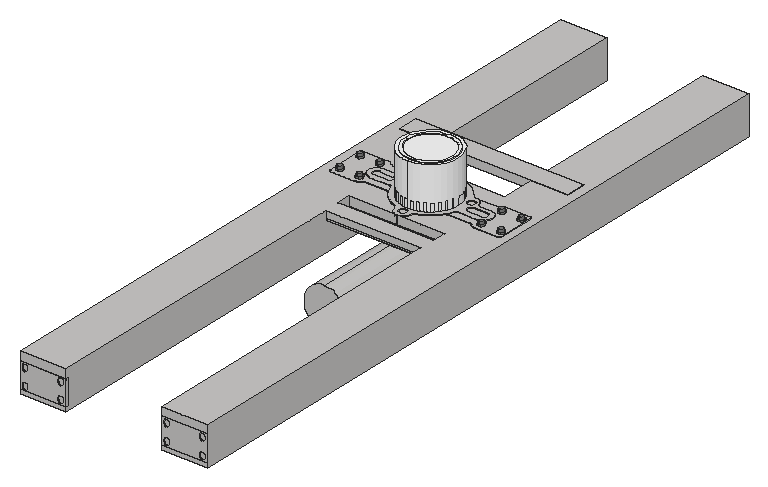
Revit family "Plate_System_Water_Coolers-Zurn-Industries_Z1217", category Plumbing Fixtures, host Face, Revit 2022
Family settings
  Host = Face
  Round Connector Dimension = Use Radius
  Part Type = Normal
  OmniClass Number = 23.45.55.11
  OmniClass Title = Sanitary Components
  Cut with Voids When Loaded = No
  Maintain Annotation Orientation = No
  Shared = No
  Room Calculation Point = No
Parameters (values of type "Z1217")
  Waste Connection = 1 = 1  # yes
  WFU = 1  # constant formula
  Vent Pipe Radius = 1.000"
  Vent Connection = 1 = 1  # yes
  Product data url = "https://bimobject.com/zurnindustries/product/zurn-z1217"
  Nominal Radius = 2.000"
  Modified Date = "09/25/2025"  # constant formula
  Manufacturer Brand = "Zurn"  # constant formula
  Installation instructions = "https://files.zurn.com/care-cleaning-install-warranty-sheets/c39.pdf"
  Hanger Vertical Adjustment [instance] = 40.000"
  URL = "http://www.zurn.com/"
  Range for Vertical Adjustment [instance] = "15'' - 55''"  # constant formula
  Range for Horizontal Adjustment [instance] = "8 1/4'' - 9''"  # constant formula
  Product Page URL = "http://www.zurn.com/products/building-drainage/carriers-fixture-supports/lavatory-sink-carriers/z1217"
  Product Documentation Link = "https://www.zurn.com/Media-Library/web_documents/pdfs/specsheets/56792-pdf"
  Model = "Z1217"
  Manufacturer = "Zurn Water, LLC"  # constant formula
  Hanger Horizontal Adjustment [instance] = 3.375"
  HWFU = 0  # constant formula
  HW Connection = 1 = 0  # no
  Flush Flow = 0.0 L/s
  Description = "Z1217 COUPLING TYPE SYSTEM WALL URINAL / SERVICE SINK"  # constant formula
  Default Elevation = 0.000"
  Date Created = "09/25/2025"  # constant formula
  Coupling Material = Plastic - Zurn - White
  CWFU = 0  # constant formula
  CW Connection = 1 = 0  # no
  Bracket Material = Steel - Zurn - Fabricated - Dura-Coated
  Bolt Material = Steel - Zurn - Stainless - Type - 304
  Assembly Code = "D2030100"
  Approx. Wt. Lbs = 63.000"
Reference planes
  plane 1 "Center (Front/Back)": y = 0
  plane 2: z = 0
  plane 3 "Center (Left/Right)": x = 0
Lines and regions (mm)
  Masking region 1, detail levels fine
    outline origin (0, 0, 0) x (1, 0, 0) y (0, 1, 0)
      loop
        line (-403.106, 1681.162) -> (-403.106, 0) -> (-288.806, 0) -> (-288.806, 806.2) -> (-220.618, 806.2) -> (-220.618, 655.113) -> (-118.81, 655.113) -> (-118.81, 806.2) -> (-50.364, 806.2) -> (-50.364, 0) -> (63.936, 0) -> (63.936, 1681.162) -> (-50.364, 1681.162) -> (-50.364, 1200.15) -> (-288.806, 1200.15) -> (-288.806, 1681.162) -> (-403.106, 1681.162)
Dimensions and locks
  aligned and locked: plane 2 to host face
  aligned and locked: level to host face
  aligned and locked: plane 1 "Center (Front/Back)" to nested 1
  aligned and locked: Masking region 1 sketch curve to nested 1  (x7)
  aligned and locked: plane 1 "Center (Front/Back)" to Masking region 1 sketch curve  (x3)
  aligned and locked: nested 1 to Masking region 1 sketch curve
  aligned and locked: Masking region 1 sketch curve to Masking region 1 sketch curve
Nested families
  nested 1: "Z1217-B" at (-115.759, 0, 0), type "Z1217-B"
    with Hanger Vertical Dimension 40.000", Hanger Horizontal Dimension 3.375", A Distance 13.88672"
Connectors
  piping at (-169.595, 1149.35, -195.326), diameter 50.8, driven by "Vent Pipe Radius", driven by "Vent Connection"
    settings: on nested 1, index 1, connector inside diameter 609.6 mm, connector length 0.000", flow factor 0, pipe flow 0.0 L/s, pressure drop 0.0 Pa, fitting loss kfactor 0, connector angle 0.00°, fixture units 0, engagement length 0.000", angle of deflection 0.00°, flow configuration 0, flow direction 2, fitting loss method 0, system type 17, joint type 0, gender type 0, connector reference index -1, connector utility 1, adjustable connector no, is connector primary yes, connector description "Vent Outlet"
  piping at (-169.595, 655.113, -195.318), diameter 101.6, driven by "Nominal Radius", driven by "Waste Connection"
    settings: on nested 1, index 2, connector inside diameter 609.6 mm, connector length 0.000", flow factor 0, pipe flow 0.0 L/s, pressure drop 0.0 Pa, fitting loss kfactor 0, connector angle 0.00°, fixture units 0, engagement length 0.000", angle of deflection 0.00°, flow configuration 0, flow direction 2, fitting loss method 0, system type 16, joint type 0, gender type 0, connector reference index -1, connector utility 1, adjustable connector no, is connector primary no, connector description "Outlet"
  piping at (-169.595, 984.25, 19.05), diameter 101.6, driven by "Nominal Radius", driven by "Waste Connection"
    settings: on nested 1, index 3, connector inside diameter 609.6 mm, connector length 0.000", flow factor 0, pipe flow 0.0 L/s, pressure drop 0.0 Pa, fitting loss kfactor 0, connector angle 0.00°, fixture units 0, engagement length 0.000", angle of deflection 0.00°, flow configuration 0, flow direction 1, fitting loss method 0, system type 16, joint type 0, gender type 0, connector reference index -1, connector utility 1, adjustable connector no, is connector primary no, connector description "Inlet 1"
  piping at (-169.595, 1149.35, -195.326), diameter 50.8, driven by "Vent Pipe Radius", driven by "Vent Connection"
    settings: on nested 1, index 4, connector inside diameter 609.6 mm, connector length 0.000", flow factor 0, pipe flow 0.0 L/s, pressure drop 0.0 Pa, fitting loss kfactor 0, connector angle 0.00°, fixture units 0, engagement length 0.000", angle of deflection 0.00°, flow configuration 0, flow direction 2, fitting loss method 0, system type 17, joint type 0, gender type 0, connector reference index -1, connector utility 1, adjustable connector no, is connector primary no, connector description "Vent Outlet"
Definition of nested family "Z1217-B"
  Parameters (values of type "Z1217-B")
    Vent Pipe Radius = 1.000"
    Vent Connection = no
    Hanger Vertical Dimension [instance] = if(Hanger Vertical Adjustment > 55.000", 55.000", if(Hanger Vertical Adjustment < 15.000", 15.000", Hanger Vertical Adjustment))  # 40.000"
    Hanger Vertical Adjustment = 40.000"
    Hanger Horizontal Dimension [instance] = if(Hanger Horizontal Adjustment > 4.125", 4.125", if(Hanger Horizontal Adjustment < 3.375", 3.375", Hanger Horizontal Adjustment))  # 3.375"
    Hanger Horizontal Adjustment = 3.375"
    Default Elevation = 48.000"
    Bracket Material = none
    Bolt Material = none
    Arm Distance = 13.88672"
    A Distance [instance] = if(Arm Distance > 27.000", 27.000", if(Arm Distance < 13.88672", 13.88672", Arm Distance))  # 13.88672"
  Reference planes
    plane 1 "Center (Front/Back)": y = 0
    plane 2: z = 0
    plane 3 "Center (Left/Right)": x = 0
    plane 4: x = 122.525
    plane 5: x = -230.198
    plane 6: z = -85.725
    plane 7: y = 1016
    plane 8: y = 984.25
    plane 9: y = 157.162
    plane 10: y = 1174.75
    plane 11: x = -205.726
    plane 12: x = -53.836
    plane 13: z = -138.168
    plane 14: z = -195.318
    plane 15: z = -281.043
    plane 16: z = -338.193
    plane 17: y = 1007.173
    plane 18: y = 825.25
    plane 19: z = 54.222
    plane 20: z = -195.326
    plane 21: y = 1174.75
    plane 22: y = 1200.15
    plane 23: y = 1149.35
    plane 24: y = 1681.162
    plane 25: z = -214.376
    plane 26: x = -28.436
    plane 27: x = -79.236
    plane 28: x = -79.236
    plane 29: x = -28.436
    plane 30: z = -188.976
    plane 31: z = -239.776
    plane 32: y = 858.313
    plane 33: y = 1112.313
  Forms (mm)
    Sweep 1, solid, material <- "Bracket Material", detail levels fine
      path origin (0, 0, 0) x (1, 0, 0) y (0, 1, 0)
        loop
          line (-230.198, 0) -> (-230.198, 4.762)
      profile origin (-230.198, 2.381, 0) x (-1, 0, 0) y (0, 0, 1)
        loop
          line (57.15, -106.418) -> (-57.15, -106.418) -> (-57.15, -169.918) -> (57.15, -169.918) -> (57.15, -106.418)
        loop
          line (-37.308, -119.911) -> (-37.308, -115.943)
          arc (-37.308, -115.943) -> (-44.45, -108.801) -> (-51.592, -115.943) r 7.142
          line (-51.592, -115.943) -> (-51.592, -119.911)
          arc (-51.592, -119.911) -> (-44.45, -127.053) -> (-37.308, -119.911) r 7.142
        loop
          line (37.308, -157.218) -> (37.308, -161.186)
          arc (37.308, -161.186) -> (44.45, -168.328) -> (51.592, -161.186) r 7.142
          line (51.592, -161.186) -> (51.592, -157.218)
          arc (51.592, -157.218) -> (44.45, -150.076) -> (37.308, -157.218) r 7.142
        loop
          line (-37.308, -160.393) -> (-37.308, -156.426)
          arc (-37.308, -156.426) -> (-44.45, -149.284) -> (-51.592, -156.426) r 7.142
          line (-51.592, -156.426) -> (-51.592, -160.393)
          arc (-51.592, -160.393) -> (-44.45, -167.536) -> (-37.308, -160.393) r 7.142
        loop
          arc (37.308, -119.911) -> (44.45, -127.053) -> (51.592, -119.911) r 7.142
          line (51.592, -119.911) -> (51.592, -115.943)
          arc (51.592, -115.943) -> (44.45, -108.801) -> (37.308, -115.943) r 7.142
          line (37.308, -115.943) -> (37.308, -119.911)
    Sweep 2, solid, material <- "Bracket Material", detail levels fine
      path origin (0, 0, 0) x (1, 0, 0) y (0, 1, 0)
        loop
          line (-230.198, 0) -> (-230.198, 1681.162)
      profile origin (-230.198, 840.581, 0) x (-1, 0, 0) y (0, 0, 1)
        loop
          line (15.875, -163.568) -> (15.875, -112.768)
          arc (15.875, -112.768) -> (14.945, -110.523) -> (12.7, -109.593) r 3.175
          line (12.7, -109.593) -> (-12.7, -109.593)
          arc (-12.7, -109.593) -> (-14.945, -110.523) -> (-15.875, -112.768) r 3.175
          line (-15.875, -112.768) -> (-15.875, -163.568)
          arc (-15.875, -163.568) -> (-14.945, -165.814) -> (-12.7, -166.743) r 3.175
          line (-12.7, -166.743) -> (12.7, -166.743)
          arc (12.7, -166.743) -> (14.945, -165.814) -> (15.875, -163.568) r 3.175
        loop
          arc (19.05, -112.768) -> (17.19, -108.278) -> (12.7, -106.418) r 6.35
          line (12.7, -106.418) -> (-12.7, -106.418)
          arc (-12.7, -106.418) -> (-17.19, -108.278) -> (-19.05, -112.768) r 6.35
          line (-19.05, -112.768) -> (-19.05, -163.568)
          arc (-19.05, -163.568) -> (-17.19, -168.059) -> (-12.7, -169.918) r 6.35
          line (-12.7, -169.918) -> (12.7, -169.918)
          arc (12.7, -169.918) -> (17.19, -168.059) -> (19.05, -163.568) r 6.35
          line (19.05, -163.568) -> (19.05, -112.768)
    Sweep 3, solid, material <- "Bracket Material", detail levels fine
      path origin (0, 0, 0) x (-1, 0, 0) y (0, 1, 0)
        loop
          line (-122.525, 0) -> (-122.525, 4.762)
      profile origin (122.525, 2.381, 0) x (-1, 0, 0) y (0, 0, 1)
        loop
          line (-57.15, -106.418) -> (-57.15, -169.918) -> (57.15, -169.918) -> (57.15, -106.418) -> (-57.15, -106.418)
        loop
          arc (37.308, -119.911) -> (44.45, -127.053) -> (51.592, -119.911) r 7.142
          line (51.592, -119.911) -> (51.592, -115.943)
          arc (51.592, -115.943) -> (44.45, -108.801) -> (37.308, -115.943) r 7.142
          line (37.308, -115.943) -> (37.308, -119.911)
        loop
          arc (-37.308, -157.218) -> (-44.45, -150.076) -> (-51.592, -157.218) r 7.142
          line (-51.592, -157.218) -> (-51.592, -161.186)
          arc (-51.592, -161.186) -> (-44.45, -168.328) -> (-37.308, -161.186) r 7.142
          line (-37.308, -161.186) -> (-37.308, -157.218)
        loop
          arc (37.308, -160.393) -> (44.45, -167.536) -> (51.592, -160.393) r 7.142
          line (51.592, -160.393) -> (51.592, -156.426)
          arc (51.592, -156.426) -> (44.45, -149.284) -> (37.308, -156.426) r 7.142
          line (37.308, -156.426) -> (37.308, -160.393)
        loop
          line (-37.308, -119.911) -> (-37.308, -115.943)
          arc (-37.308, -115.943) -> (-44.45, -108.801) -> (-51.592, -115.943) r 7.142
          line (-51.592, -115.943) -> (-51.592, -119.911)
          arc (-51.592, -119.911) -> (-44.45, -127.053) -> (-37.308, -119.911) r 7.142
    Sweep 4, solid, material <- "Bracket Material", detail levels fine
      path origin (0, 0, 0) x (-1, 0, 0) y (0, 1, 0)
        loop
          line (-122.525, 0) -> (-122.525, 1681.162)
      profile origin (122.525, 840.581, 0) x (-1, 0, 0) y (0, 0, 1)
        loop
          arc (-15.875, -163.568) -> (-14.945, -165.814) -> (-12.7, -166.743) r 3.175
          line (-12.7, -166.743) -> (12.7, -166.743)
          arc (12.7, -166.743) -> (14.945, -165.814) -> (15.875, -163.568) r 3.175
          line (15.875, -163.568) -> (15.875, -112.768)
          arc (15.875, -112.768) -> (14.945, -110.523) -> (12.7, -109.593) r 3.175
          line (12.7, -109.593) -> (-12.7, -109.593)
          arc (-12.7, -109.593) -> (-14.945, -110.523) -> (-15.875, -112.768) r 3.175
          line (-15.875, -112.768) -> (-15.875, -163.568)
        loop
          line (-19.05, -112.768) -> (-19.05, -163.568)
          arc (-19.05, -163.568) -> (-17.19, -168.059) -> (-12.7, -169.918) r 6.35
          line (-12.7, -169.918) -> (12.7, -169.918)
          arc (12.7, -169.918) -> (17.19, -168.059) -> (19.05, -163.568) r 6.35
          line (19.05, -163.568) -> (19.05, -112.768)
          arc (19.05, -112.768) -> (17.19, -108.278) -> (12.7, -106.418) r 6.35
          line (12.7, -106.418) -> (-12.7, -106.418)
          arc (-12.7, -106.418) -> (-17.19, -108.278) -> (-19.05, -112.768) r 6.35
    Sweep 5, solid, material <- "Bracket Material", detail levels fine
      path origin (0, 0, -173.093) x (1, 0, 0) y (0, 0, 1)
        loop
          line (0, 66.675) -> (0, 84.193)
      profile origin (0, 0, -97.659) x (-1, 0, 0) y (0, -1, 0)
        loop
          arc (259.574, -1035.05) -> (265.157, -1032.368) -> (266.552, -1026.334) r 7.152
          arc (266.552, -1026.334) -> (264.734, -1023.504) -> (261.518, -1022.514) r 4.898
          arc (261.518, -1022.514) -> (257.296, -1022.323) -> (253.192, -1021.317) r 21.704
          arc (253.192, -1021.317) -> (249.424, -1016) -> (253.192, -1010.683) r 5.636
          arc (253.192, -1010.683) -> (257.801, -1009.61) -> (262.532, -1009.562) r 21.704
          arc (262.532, -1009.562) -> (265.35, -1008.634) -> (266.552, -1005.922) r 3.658
          line (266.552, -1005.922) -> (266.552, -962.739)
          arc (266.552, -962.739) -> (265.35, -960.027) -> (262.532, -959.099) r 3.658
          arc (262.532, -959.099) -> (257.801, -959.051) -> (253.192, -957.978) r 21.704
          arc (253.192, -957.978) -> (249.424, -952.661) -> (253.192, -947.344) r 5.636
          arc (253.192, -947.344) -> (256.857, -946.406) -> (260.629, -946.118) r 21.704
          arc (260.629, -946.118) -> (265.598, -943.542) -> (266.232, -937.98) r 5.953
          arc (266.232, -937.98) -> (263.601, -934.69) -> (259.574, -933.45) r 7.158
          line (259.574, -933.45) -> (203.647, -933.45)
          arc (203.647, -933.45) -> (196.989, -934.811) -> (191.4, -938.675) r 16.964
          arc (191.4, -938.675) -> (187.464, -941.397) -> (182.776, -942.355) r 11.947
          line (182.776, -942.355) -> (131.471, -942.355)
          arc (131.471, -942.355) -> (126.204, -941.036) -> (122.179, -937.392) r 11.181
          arc (122.179, -937.392) -> (104.031, -917.955) -> (80.654, -905.279) r 82.728
          arc (80.654, -905.279) -> (75.436, -901.635) -> (72.885, -895.805) r 11.749
          arc (72.885, -895.805) -> (53.256, -878.62) -> (33.435, -895.582) r 19.931
          arc (33.435, -895.582) -> (30.703, -901.737) -> (25.208, -905.629) r 12.7
          arc (25.208, -905.629) -> (2.779, -917.982) -> (-14.798, -936.601) r 82.728
          arc (-14.798, -936.601) -> (-19.549, -940.829) -> (-25.723, -942.355) r 13.247
          line (-25.723, -942.355) -> (-75.103, -942.355)
          arc (-75.103, -942.355) -> (-80.675, -941.246) -> (-85.397, -938.087) r 14.548
          arc (-85.397, -938.087) -> (-90.527, -934.655) -> (-96.581, -933.45) r 15.807
          line (-96.581, -933.45) -> (-151.902, -933.45)
          arc (-151.902, -933.45) -> (-157.058, -935.638) -> (-159.066, -940.867) r 7.169
          arc (-159.066, -940.867) -> (-157.338, -944.663) -> (-153.434, -946.129) r 5.454
          arc (-153.434, -946.129) -> (-149.42, -946.368) -> (-145.52, -947.344) r 21.704
          arc (-145.52, -947.344) -> (-141.752, -952.661) -> (-145.52, -957.978) r 5.636
          arc (-145.52, -957.978) -> (-150.128, -959.051) -> (-154.86, -959.099) r 21.704
          arc (-154.86, -959.099) -> (-157.677, -960.027) -> (-158.88, -962.739) r 3.658
          line (-158.88, -962.739) -> (-158.88, -1005.922)
          arc (-158.88, -1005.922) -> (-157.677, -1008.634) -> (-154.86, -1009.562) r 3.658
          arc (-154.86, -1009.562) -> (-150.128, -1009.61) -> (-145.52, -1010.683) r 21.704
          arc (-145.52, -1010.683) -> (-141.752, -1016) -> (-145.52, -1021.317) r 5.636
          arc (-145.52, -1021.317) -> (-149.624, -1022.323) -> (-153.845, -1022.514) r 21.704
          arc (-153.845, -1022.514) -> (-157.061, -1023.504) -> (-158.88, -1026.334) r 4.898
          arc (-158.88, -1026.334) -> (-157.484, -1032.368) -> (-151.902, -1035.05) r 7.152
          line (-151.902, -1035.05) -> (-96.404, -1035.05)
          arc (-96.404, -1035.05) -> (-90.416, -1033.869) -> (-85.325, -1030.502) r 15.769
          arc (-85.325, -1030.502) -> (-80.628, -1027.396) -> (-75.103, -1026.306) r 14.548
          line (-75.103, -1026.306) -> (-25.723, -1026.306)
          arc (-25.723, -1026.306) -> (-19.549, -1027.833) -> (-14.798, -1032.06) r 13.247
          arc (-14.798, -1032.06) -> (53.9, -1067.991) -> (122.179, -1031.269) r 82.728
          arc (122.179, -1031.269) -> (126.204, -1027.625) -> (131.471, -1026.306) r 11.181
          line (131.471, -1026.306) -> (182.776, -1026.306)
          arc (182.776, -1026.306) -> (187.643, -1027.343) -> (191.665, -1030.272) r 11.947
          arc (191.665, -1030.272) -> (196.512, -1033.801) -> (202.376, -1035.05) r 14.394
          line (202.376, -1035.05) -> (259.574, -1035.05)
        loop
          circle (205.591, -1016) r 5.556
        loop
          circle (205.591, -952.5) r 5.556
        loop
          circle (-97.939, -1016) r 5.556
        loop
          circle (-97.939, -952.5) r 5.556
        loop
          circle (53.422, -984.47) r 44.45
        loop
          circle (53.144, -897.757) r 9.474
        loop
          circle (-30.665, -1006.658) r 9.474
        loop
          circle (137.509, -1006.658) r 9.474
        loop
          arc (186.443, -994.12) -> (196.313, -984.25) -> (186.443, -974.38) r 9.87
          line (186.443, -974.38) -> (154.782, -974.38)
          arc (154.782, -974.38) -> (144.911, -984.25) -> (154.782, -994.12) r 9.87
          line (154.782, -994.12) -> (186.443, -994.12)
        loop
          line (-79.598, -994.12) -> (-47.937, -994.12)
          arc (-47.937, -994.12) -> (-38.066, -984.25) -> (-47.937, -974.38) r 9.87
          line (-47.937, -974.38) -> (-79.598, -974.38)
          arc (-79.598, -974.38) -> (-89.468, -984.25) -> (-79.598, -994.12) r 9.87
    Sweep 6, solid, material <- "Bolt Material", detail levels fine
      path origin (0, 0, -173.093) x (1, 0, 0) y (0, 0, 1)
        loop
          line (-254.804, 95.334) -> (-254.804, 5.593)
          arc (-254.804, 5.593) -> (-252.468, -0.046) -> (-246.83, -2.381) r 7.974
          line (-246.83, -2.381) -> (-213.529, -2.381)
          arc (-213.529, -2.381) -> (-207.916, -0.056) -> (-205.591, 5.556) r 7.938
          line (-205.591, 5.556) -> (-205.591, 95.334)
      profile origin (-254.804, 0, -122.63) x (0, -1, 0) y (1, 0, 0)
        loop
          circle (-1016, 0) r 5.556
    Sweep 7, solid, material <- "Bolt Material", detail levels fine
      path origin (0, 0, -173.093) x (-1, 0, 0) y (0, 0, 1)
        loop
          line (-147.131, 95.334) -> (-147.131, 5.593)
          arc (-147.131, 5.593) -> (-144.796, -0.046) -> (-139.157, -2.381) r 7.974
          line (-139.157, -2.381) -> (-105.856, -2.381)
          arc (-105.856, -2.381) -> (-100.244, -0.056) -> (-97.919, 5.556) r 7.938
          line (-97.919, 5.556) -> (-97.919, 95.334)
      profile origin (147.131, 0, -122.63) x (0, -1, 0) y (1, 0, 0)
        loop
          circle (-1016, 0) r 5.556
    Sweep 8, solid, material <- "Bolt Material", detail levels fine
      path origin (0, 190.5, -173.093) x (-1, 0, 0) y (0, 0, 1)
        loop
          line (-147.131, 95.334) -> (-147.131, 5.593)
          arc (-147.131, 5.593) -> (-144.796, -0.046) -> (-139.157, -2.381) r 7.974
          line (-139.157, -2.381) -> (-105.856, -2.381)
          arc (-105.856, -2.381) -> (-100.244, -0.056) -> (-97.919, 5.556) r 7.938
          line (-97.919, 5.556) -> (-97.919, 95.334)
      profile origin (147.131, 190.5, -122.63) x (0, 1, 0) y (-1, 0, 0)
        loop
          circle (762, 0) r 5.556
    Sweep 9, solid, material <- "Bolt Material", detail levels fine
      path origin (0, 190.5, -173.093) x (1, 0, 0) y (0, 0, -1)
        loop
          line (-254.804, -95.334) -> (-254.804, -5.593)
          arc (-254.804, -5.593) -> (-252.468, 0.046) -> (-246.83, 2.381) r 7.974
          line (-246.83, 2.381) -> (-213.529, 2.381)
          arc (-213.529, 2.381) -> (-207.916, 0.056) -> (-205.591, -5.556) r 7.938
          line (-205.591, -5.556) -> (-205.591, -95.334)
      profile origin (-254.804, 190.5, -122.63) x (0, 1, 0) y (-1, 0, 0)
        loop
          circle (762, 0) r 5.556
    Sweep 10, solid, material <- "Bolt Material", detail levels fine
      path origin (0, 0, -173.093) x (1, 0, 0) y (0, 0, 1)
        loop
          line (-254.804, 90.543) -> (-254.804, 84.193)
      profile origin (-254.804, 0, -85.725) x (0, -1, 0) y (1, 0, 0)
        loop
          circle (-1016, 0) r 5.556
        loop
          line (-1023.604, 4.39) -> (-1023.604, -4.39) -> (-1016, -8.781) -> (-1008.396, -4.39) -> (-1008.396, 4.39) -> (-1016, 8.781) -> (-1023.604, 4.39)
    Sweep 11, solid, material <- "Bolt Material", detail levels fine
      path origin (-460.395, 0, -173.093) x (-1, 0, 0) y (0, 0, 1)
        loop
          line (-254.804, 90.543) -> (-254.804, 84.193)
      profile origin (-205.591, 0, -85.725) x (0, -1, 0) y (1, 0, 0)
        loop
          circle (-1016, 0) r 5.556
        loop
          line (-1023.604, -4.39) -> (-1016, -8.781) -> (-1008.396, -4.39) -> (-1008.396, 4.39) -> (-1016, 8.781) -> (-1023.604, 4.39) -> (-1023.604, -4.39)
    Sweep 12, solid, material <- "Bolt Material", detail levels fine
      path origin (0, 139.7, -173.093) x (1, 0, 0) y (0, 0, -1)
        loop
          line (-254.804, -90.543) -> (-254.804, -84.193)
      profile origin (-254.804, 139.7, -85.725) x (0, 1, 0) y (-1, 0, 0)
        loop
          circle (812.8, 0) r 5.556
        loop
          line (805.196, -4.39) -> (812.8, -8.781) -> (820.404, -4.39) -> (820.404, 4.39) -> (812.8, 8.781) -> (805.196, 4.39) -> (805.196, -4.39)
    Sweep 13, solid, material <- "Bolt Material", detail levels fine
      path origin (-460.395, 139.7, -173.093) x (-1, 0, 0) y (0, 0, 1)
        loop
          line (-254.804, 90.543) -> (-254.804, 84.193)
      profile origin (-205.591, 139.7, -85.725) x (0, 1, 0) y (-1, 0, 0)
        loop
          circle (812.8, 0) r 5.556
        loop
          line (805.196, 4.39) -> (805.196, -4.39) -> (812.8, -8.781) -> (820.404, -4.39) -> (820.404, 4.39) -> (812.8, 8.781) -> (805.196, 4.39)
    Sweep 14, solid, material <- "Bolt Material", detail levels fine
      path origin (0, 0, -173.093) x (-1, 0, 0) y (0, 0, 1)
        loop
          line (-147.131, 90.543) -> (-147.131, 84.193)
      profile origin (147.131, 0, -85.725) x (0, -1, 0) y (1, 0, 0)
        loop
          circle (-1016, 0) r 5.556
        loop
          line (-1023.604, -4.39) -> (-1016, -8.781) -> (-1008.396, -4.39) -> (-1008.396, 4.39) -> (-1016, 8.781) -> (-1023.604, 4.39) -> (-1023.604, -4.39)
    Sweep 15, solid, material <- "Bolt Material", detail levels fine
      path origin (460.395, 0, -173.093) x (1, 0, 0) y (0, 0, 1)
        loop
          line (-362.476, 90.543) -> (-362.476, 84.193)
      profile origin (97.919, 0, -85.725) x (0, -1, 0) y (1, 0, 0)
        loop
          circle (-1016, 0) r 5.556
        loop
          line (-1023.604, 4.39) -> (-1023.604, -4.39) -> (-1016, -8.781) -> (-1008.396, -4.39) -> (-1008.396, 4.39) -> (-1016, 8.781) -> (-1023.604, 4.39)
    Sweep 16, solid, material <- "Bolt Material", detail levels fine
      path origin (0, 139.7, -173.093) x (-1, 0, 0) y (0, 0, 1)
        loop
          line (-147.131, 90.543) -> (-147.131, 84.193)
      profile origin (147.131, 139.7, -85.725) x (0, 1, 0) y (-1, 0, 0)
        loop
          circle (812.8, 0) r 5.556
        loop
          line (805.196, 4.39) -> (805.196, -4.39) -> (812.8, -8.781) -> (820.404, -4.39) -> (820.404, 4.39) -> (812.8, 8.781) -> (805.196, 4.39)
    Sweep 17, solid, material <- "Bolt Material", detail levels fine
      path origin (460.395, 139.7, -173.093) x (1, 0, 0) y (0, 0, -1)
        loop
          line (-362.476, -90.543) -> (-362.476, -84.193)
      profile origin (97.919, 139.7, -85.725) x (0, 1, 0) y (-1, 0, 0)
        loop
          circle (812.8, 0) r 5.556
        loop
          line (805.196, -4.39) -> (812.8, -8.781) -> (820.404, -4.39) -> (820.404, 4.39) -> (812.8, 8.781) -> (805.196, 4.39) -> (805.196, -4.39)
    Sweep 18, solid, material <- "Bracket Material", detail levels fine
      path origin (0, 0, 0) x (1, 0, 0) y (0, 1, 0)
        loop
          line (0, 1681.162) -> (0, 0)
      profile origin (0, 840.581, 0) x (1, 0, 0) y (0, 0, 1)
        loop
          line (-287.348, -85.725) -> (-287.348, -180.975) -> (-173.048, -180.975) -> (-173.048, -85.725) -> (-287.348, -85.725)
    Sweep 19, solid, material <- "Bracket Material", detail levels fine
      path origin (0, 0, 0) x (-1, 0, 0) y (0, 1, 0)
        loop
          line (0, 1681.162) -> (0, 0)
      profile origin (0, 840.581, 0) x (1, 0, 0) y (0, 0, 1)
        loop
          line (179.695, -85.725) -> (65.395, -85.725) -> (65.395, -180.975) -> (179.695, -180.975) -> (179.695, -85.725)
    Sweep 20, solid, material <- "Bracket Material", detail levels fine
      path origin (0, 0, 0) x (1, 0, 0) y (0, 1, 0)
        loop
          line (-230.198, 4.762) -> (-230.198, 0)
      profile origin (-230.198, 2.381, 0) x (1, 0, 0) y (0, 0, 1)
        loop
          line (57.15, -169.918) -> (57.15, -106.418) -> (-57.15, -106.418) -> (-57.15, -169.918) -> (57.15, -169.918)
    Sweep 21, solid, material <- "Bracket Material", detail levels fine
      path origin (0, 0, 0) x (-1, 0, 0) y (0, 1, 0)
        loop
          line (-122.525, 4.762) -> (-122.525, 0)
      profile origin (122.525, 2.381, 0) x (1, 0, 0) y (0, 0, 1)
        loop
          line (-57.15, -169.918) -> (57.15, -169.918) -> (57.15, -106.418) -> (-57.15, -106.418) -> (-57.15, -169.918)
    Sweep 22, solid, material <- "Bracket Material", detail levels fine
      path origin (0, 0, 0) x (1, 0, 0) y (0, 1, 0)
        loop
          line (-230.198, 1681.162) -> (-230.198, 0)
      profile origin (-230.198, 840.581, 0) x (1, 0, 0) y (0, 0, 1)
        loop
          line (371.793, -169.918) -> (371.793, -106.418) -> (333.693, -106.418) -> (333.693, -169.918) -> (371.793, -169.918)
    Sweep 23, solid, material <- "Bracket Material", detail levels fine
      path origin (0, 0, 0) x (-1, 0, 0) y (0, 1, 0)
        loop
          line (-122.525, 1681.162) -> (-122.525, 0)
      profile origin (122.525, 840.581, 0) x (1, 0, 0) y (0, 0, 1)
        loop
          line (-371.793, -169.918) -> (-333.693, -169.918) -> (-333.693, -106.418) -> (-371.793, -106.418) -> (-371.793, -169.918)
    Sweep 24, solid, material <- "Bracket Material", detail levels fine
      path origin (0, 0, 0) x (1, 0, 0) y (0, 0, 1)
        loop
          line (0, -85.725) -> (0, -106.418)
      profile origin (0, 0, -96.072) x (0, -1, 0) y (1, 0, 0)
        loop
          line (-1026.306, -131.471) -> (-1026.306, -182.776)
          arc (-1026.306, -182.776) -> (-1027.343, -187.643) -> (-1030.272, -191.665) r 11.947
          arc (-1030.272, -191.665) -> (-1033.801, -196.512) -> (-1035.05, -202.376) r 14.394
          line (-1035.05, -202.376) -> (-1035.05, -260.202)
          arc (-1035.05, -260.202) -> (-1033.19, -264.693) -> (-1028.7, -266.552) r 6.35
          line (-1028.7, -266.552) -> (-939.8, -266.552)
          arc (-939.8, -266.552) -> (-935.31, -264.693) -> (-933.45, -260.202) r 6.35
          line (-933.45, -260.202) -> (-933.45, -203.647)
          arc (-933.45, -203.647) -> (-934.811, -196.989) -> (-938.675, -191.4) r 16.964
          arc (-938.675, -191.4) -> (-941.397, -187.464) -> (-942.355, -182.776) r 11.947
          line (-942.355, -182.776) -> (-942.355, -131.471)
          arc (-942.355, -131.471) -> (-941.036, -126.204) -> (-937.392, -122.179) r 11.181
          arc (-937.392, -122.179) -> (-917.955, -104.031) -> (-905.279, -80.654) r 82.728
          arc (-905.279, -80.654) -> (-901.635, -75.436) -> (-895.805, -72.885) r 11.749
          arc (-895.805, -72.885) -> (-878.62, -53.256) -> (-895.582, -33.435) r 19.931
          arc (-895.582, -33.435) -> (-901.737, -30.703) -> (-905.629, -25.208) r 12.7
          arc (-905.629, -25.208) -> (-917.982, -2.779) -> (-936.601, 14.798) r 82.728
          arc (-936.601, 14.798) -> (-940.829, 19.549) -> (-942.355, 25.723) r 13.247
          line (-942.355, 25.723) -> (-942.355, 75.103)
          arc (-942.355, 75.103) -> (-941.246, 80.675) -> (-938.087, 85.397) r 14.548
          arc (-938.087, 85.397) -> (-934.655, 90.527) -> (-933.45, 96.581) r 15.807
          line (-933.45, 96.581) -> (-933.45, 152.53)
          arc (-933.45, 152.53) -> (-935.31, 157.02) -> (-939.8, 158.88) r 6.35
          line (-939.8, 158.88) -> (-1028.7, 158.88)
          arc (-1028.7, 158.88) -> (-1033.19, 157.02) -> (-1035.05, 152.53) r 6.35
          line (-1035.05, 152.53) -> (-1035.05, 96.404)
          arc (-1035.05, 96.404) -> (-1033.869, 90.416) -> (-1030.502, 85.325) r 15.769
          arc (-1030.502, 85.325) -> (-1027.396, 80.628) -> (-1026.306, 75.103) r 14.548
          line (-1026.306, 75.103) -> (-1026.306, 25.723)
          arc (-1026.306, 25.723) -> (-1027.833, 19.549) -> (-1032.06, 14.798) r 13.247
          arc (-1032.06, 14.798) -> (-1067.991, -53.9) -> (-1031.269, -122.179) r 82.728
          arc (-1031.269, -122.179) -> (-1027.625, -126.204) -> (-1026.306, -131.471) r 11.181
    Sweep 25, solid, material <- "Bolt Material", detail levels fine
      path origin (19.505, -1117.43, -174.685) x (1, 0, 0) y (0, 0, 1)
        loop
          line (-254.804, 79.403) -> (-254.804, 71.438)
      profile origin (-235.299, -1117.43, -99.265) x (0, -1, 0) y (1, 0, 0)
        loop
          line (-1950.284, 9.492) -> (-1950.284, 0.711) -> (-1942.68, -3.679) -> (-1935.076, 0.711) -> (-1935.076, 9.492) -> (-1942.68, 13.882) -> (-1950.284, 9.492)
    Sweep 26, solid, material <- "Bracket Material", detail levels fine
      path origin (0, 0, 0) x (1, 0, 0) y (0, 0, 1)
        loop
          line (-227.023, -106.418) -> (-227.023, -103.247)
      profile origin (-227.023, 0, -104.833) x (-1, 0, 0) y (0, -1, 0)
        loop
          line (36.091, -844.3) -> (36.091, -806.2) -> (-382.463, -806.2) -> (-382.463, -844.3) -> (36.091, -844.3)
    Sweep 27, solid, material <- "Bolt Material", detail levels fine
      path origin (479.9, -1117.43, -174.685) x (1, 0, 0) y (0, 0, 1)
        loop
          line (-362.476, 79.403) -> (-362.476, 71.438)
      profile origin (117.424, -1117.43, -99.265) x (0, -1, 0) y (1, 0, 0)
        loop
          line (-1950.284, 9.492) -> (-1950.284, 0.711) -> (-1942.68, -3.679) -> (-1935.076, 0.711) -> (-1935.076, 9.492) -> (-1942.68, 13.882) -> (-1950.284, 9.492)
    Sweep 28, solid, material <- "Bracket Material", detail levels fine
      path origin (0, 0, 0) x (1, 0, 0) y (0, 0, 1)
        loop
          line (-152.546, -103.247) -> (-152.546, -106.418)
      profile origin (-152.546, 0, -104.833) x (0, -1, 0) y (1, 0, 0)
        loop
          line (-844.3, 307.987) -> (-844.3, -110.567) -> (-806.2, -110.567) -> (-806.2, 307.987) -> (-844.3, 307.987)
    Sweep 29, solid, material <- "Bracket Material", detail levels fine
      path origin (0, 0, 0) x (1, 0, 0) y (0, 0, 1)
        loop
          line (-80.551, -85.725) -> (-80.551, -106.418)
      profile origin (-80.551, 0, -96.072) x (0, -1, 0) y (1, 0, 0)
        loop
          line (-844.3, -166.687) -> (-806.2, -166.687) -> (-806.2, 203.076) -> (-844.3, 203.076) -> (-844.3, -166.687)
    Sweep 30, solid, material <- "Bracket Material", detail levels fine
      path origin (0, 0, 0) x (1, 0, 0) y (0, 0, 1)
        loop
          line (-8.972, -88.9) -> (-8.972, -85.725)
      profile origin (-8.972, 0, -87.312) x (-1, 0, 0) y (0, -1, 0)
        loop
          arc (71.682, -905.279) -> (66.464, -901.635) -> (63.912, -895.805) r 11.749
          arc (63.912, -895.805) -> (44.284, -878.62) -> (24.463, -895.582) r 19.931
          arc (24.463, -895.582) -> (21.73, -901.737) -> (16.236, -905.629) r 12.7
          arc (16.236, -905.629) -> (-14.828, -925.691) -> (-34.048, -957.283) r 82.728
          arc (-34.048, -957.283) -> (-36.897, -961.162) -> (-41.478, -962.641) r 7.83
          line (-41.478, -962.641) -> (-87.796, -962.641)
          arc (-87.796, -962.641) -> (-109.337, -984.182) -> (-87.796, -1005.722) r 21.541
          line (-87.796, -1005.722) -> (-60.36, -1005.722)
          arc (-60.36, -1005.722) -> (-56.387, -1007.119) -> (-54.161, -1010.694) r 6.35
          arc (-54.161, -1010.694) -> (-47.172, -1021.921) -> (-34.695, -1026.306) r 19.942
          arc (-34.695, -1026.306) -> (-28.521, -1027.833) -> (-23.771, -1032.06) r 13.247
          arc (-23.771, -1032.06) -> (44.928, -1067.991) -> (113.206, -1031.269) r 82.728
          arc (113.206, -1031.269) -> (117.231, -1027.625) -> (122.499, -1026.306) r 11.181
          arc (122.499, -1026.306) -> (134.105, -1022.285) -> (140.735, -1011.945) r 18.759
          arc (140.735, -1011.945) -> (143.609, -1007.465) -> (148.638, -1005.722) r 8.129
          line (148.638, -1005.722) -> (177.651, -1005.722)
          arc (177.651, -1005.722) -> (199.192, -984.182) -> (177.651, -962.641) r 21.541
          line (177.651, -962.641) -> (130.37, -962.641)
          arc (130.37, -962.641) -> (125.796, -961.163) -> (122.95, -957.289) r 7.82
          arc (122.95, -957.289) -> (103.366, -925.321) -> (71.682, -905.279) r 82.728
        loop
          circle (44.45, -984.25) r 44.45
        loop
          circle (128.537, -1006.658) r 9.474
        loop
          circle (-39.637, -1006.658) r 9.474
        loop
          arc (-88.57, -974.38) -> (-98.441, -984.25) -> (-88.57, -994.12) r 9.87
          line (-88.57, -994.12) -> (-56.909, -994.12)
          arc (-56.909, -994.12) -> (-47.039, -984.25) -> (-56.909, -974.38) r 9.87
          line (-56.909, -974.38) -> (-88.57, -974.38)
        loop
          arc (145.809, -974.38) -> (135.939, -984.25) -> (145.809, -994.12) r 9.87
          line (145.809, -994.12) -> (177.47, -994.12)
          arc (177.47, -994.12) -> (187.341, -984.25) -> (177.47, -974.38) r 9.87
          line (177.47, -974.38) -> (145.809, -974.38)
        loop
          circle (44.171, -897.757) r 9.474
    Sweep 31, solid, material <- "Bracket Material", detail levels fine
      path origin (0, 0, 0) x (1, 0, 0) y (0, 0, 1)
        loop
          line (-43.67, -85.725) -> (-43.67, -106.418)
      profile origin (-43.67, 0, -96.072) x (0, -1, 0) y (1, 0, 0)
        loop
          line (-1067.991, -222.883) -> (-878.632, -222.883) -> (-878.632, 202.55) -> (-1067.991, 202.55) -> (-1067.991, -222.883)
    Sweep 32, solid, material <- "Bracket Material", detail levels fine
      path origin (0, 0, 0) x (0, 1, 0) y (0, 0, 1)
        loop
          line (984.47, -106.418) -> (984.47, -195.318)
      profile origin (0, 984.47, -150.868) x (1, 0, 0) y (0, 1, 0)
        loop
          circle (-53.836, 0) r 50.785
    Sweep 33, solid, material <- "Bracket Material", detail levels fine
      path origin (0, 0, 0) x (0, 1, 0) y (0, 0, 1)
        loop
          line (1112.313, -338.193) -> (655.113, -338.193)
      profile origin (0, 883.713, -338.193) x (0, 0, -1) y (1, 0, 0)
        loop
          circle (-142.875, -53.836) r 50.785
    Extrusion 34, solid, detail levels fine
      sketch origin (0, 0, 0) x (1, 0, 0) y (0, 0, 1)
        loop
          circle (-53.836, -195.326) r 25.4
      from -1149.35 to -1112.313
    Extrusion 35, solid, detail levels fine
      sketch origin (0, 0, 0) x (1, 0, 0) y (0, 0, 1)
        loop
          line (-263.113, -85.725) -> (-263.113, -106.418) -> (155.441, -106.418) -> (155.441, -85.725) -> (-263.113, -85.725)
      from -1149.35 to -1200.15
  Cuts and joins
    joined: Sweep 1, Sweep 2, Sweep 26
    joined: Sweep 3, Sweep 4
    joined: Sweep 6, Sweep 10, Sweep 11
    joined: Sweep 9, Sweep 12, Sweep 13
    joined: Sweep 7, Sweep 14, Sweep 15
    joined: Sweep 8, Sweep 16, Sweep 17
    joined: Sweep 18, Sweep 19, Sweep 29, Sweep 31
    joined: Sweep 20, Sweep 21, Sweep 22, Sweep 23, Sweep 24, Sweep 28
    joined: Sweep 32, Sweep 33
  Lines and regions (mm)
    symbolic lines, detail levels fine
      curve 1: line (-173.048, 4.762, 0) -> (-287.348, 4.762, 0)
      curve 2: line (179.675, 4.762, 0) -> (65.375, 4.762, 0)
      curve 3: line (0, 1016, -85.725) -> (0, 1016, -82.55)
    model lines, detail levels coarse+medium
      curve 4: line (122.525, 0, -85.725) -> (122.525, 1681.162, -85.725)
      curve 5: line (-230.198, 1681.162, -85.725) -> (-230.198, 0, -85.725)
      curve 7: line (-79.236, 1149.35, -214.376) -> (-28.436, 1149.35, -214.376)
      curve 9: line (-230.198, 984.25, -85.725) -> (122.525, 984.25, -85.725)
      curve 10: line (-230.198, 1174.75, -85.725) -> (122.525, 1174.75, -85.725)
      curve 11: line (-53.836, 1149.35, -239.776) -> (-53.836, 1149.35, -188.976)
    model lines
      curve 6: line (-53.836, 655.113, -214.376) -> (-53.836, 1149.35, -214.376)
      curve 8: line (-53.836, 984.25, -214.376) -> (-53.836, 984.25, -85.725)
  Dimensions and locks
    locked: plane 1 "Center (Front/Back)" to Sweep 1 sketch curve at 4.762
    locked: plane 1 "Center (Front/Back)" to Sweep 2 sketch curve at 1681.162
    locked: plane 1 "Center (Front/Back)" to Sweep 3 sketch curve at 4.762
    locked: plane 1 "Center (Front/Back)" to Sweep 4 sketch curve at 1681.162
    "Hanger Horizontal Dimension": level to plane 6
    "Hanger Vertical Dimension": plane 1 "Center (Front/Back)" to plane 7
    locked: Sweep 9 sketch curve to plane 7 at 63.5
    locked: Sweep 8 sketch curve to plane 7 at 63.5
    Sweep 10 sketch curve to Sweep 10 sketch curve to Sweep 10 sketch curve = 0.29938" locked, 0.29938" locked
    Sweep 11 sketch curve to Sweep 11 sketch curve to Sweep 11 sketch curve = 0.29938" locked, 0.29938" locked
    Sweep 12 sketch curve to Sweep 12 sketch curve to Sweep 12 sketch curve = 0.29938" locked, 0.29938" locked
    Sweep 13 sketch curve to Sweep 13 sketch curve to Sweep 13 sketch curve = 0.29938" locked, 0.29938" locked
    locked: Sweep 12 sketch curve to plane 7 at 63.5
    locked: Sweep 13 sketch curve to plane 7 at 63.5
    locked: Sweep 5 sketch curve to plane 7 at 63.5
    Sweep 14 sketch curve to Sweep 14 sketch curve to Sweep 14 sketch curve = 0.29938" locked, 0.29938" locked
    Sweep 15 sketch curve to Sweep 15 sketch curve to Sweep 15 sketch curve = 0.29938" locked, 0.29938" locked
    Sweep 16 sketch curve to Sweep 16 sketch curve to Sweep 16 sketch curve = 0.29938" locked, 0.29938" locked
    Sweep 17 sketch curve to Sweep 17 sketch curve to Sweep 17 sketch curve = 0.29938" locked, 0.29938" locked
    locked: Sweep 16 sketch curve to plane 7 at 63.5
    locked: Sweep 17 sketch curve to plane 7 at 63.5
    plane 6 to Sweep 5 sketch curve to Sweep 5 sketch curve = 0.125", 0.6897" locked
    locked: plane 6 to Sweep 9 sketch curve at 89.75
    locked: plane 6 to Sweep 6 sketch curve at 89.75
    Sweep 13 sketch curve to plane 6 to Sweep 13 sketch curve = 0.125" locked, 0.125" locked
    Sweep 11 sketch curve to plane 6 to Sweep 11 sketch curve = 0.125" locked, 0.125" locked
    plane 6 to Sweep 1 sketch curve to Sweep 1 sketch curve = 0.8147" locked, 2.500" locked
    locked: plane 6 to Sweep 8 sketch curve at 89.75
    locked: plane 6 to Sweep 7 sketch curve at 89.75
    Sweep 16 sketch curve to plane 6 to Sweep 16 sketch curve = 0.125" locked, 0.125" locked
    Sweep 14 sketch curve to plane 6 to Sweep 14 sketch curve = 0.125" locked, 0.125" locked
    Sweep 17 sketch curve to plane 6 to Sweep 17 sketch curve = 0.125" locked, 0.125" locked
    Sweep 15 sketch curve to plane 6 to Sweep 15 sketch curve = 0.125" locked, 0.125" locked
    plane 6 to Sweep 3 sketch curve to Sweep 3 sketch curve = 0.8147" locked, 2.500" locked
    locked: Sweep 2 sketch curve to Sweep 2 sketch curve at 63.5
    locked: Sweep 2 sketch curve to Sweep 2 sketch curve at 57.15
    locked: plane 6 to Sweep 2 sketch curve at 20.693
    locked: Sweep 4 sketch curve to Sweep 4 sketch curve at 63.5
    locked: Sweep 4 sketch curve to Sweep 4 sketch curve at 57.15
    locked: plane 6 to Sweep 4 sketch curve at 23.868
    locked: Sweep 4 sketch curve to Sweep 4 sketch curve at 31.75
    locked: Sweep 4 sketch curve to Sweep 4 sketch curve at 38.1
    locked: Sweep 2 sketch curve to Sweep 2 sketch curve at 31.75
    locked: Sweep 2 sketch curve to Sweep 2 sketch curve at 38.1
    locked: plane 6 to Sweep 3 sketch curve at 30.218
    locked: plane 6 to Sweep 3 sketch curve at 34.186
    locked: plane 6 to Sweep 1 sketch curve at 30.218
    locked: plane 6 to Sweep 1 sketch curve at 34.186
    locked: plane 6 to Sweep 18 sketch curve at 95.25
    locked: Sweep 19 sketch curve to Sweep 19 sketch curve at 95.25
    locked: plane 1 "Center (Front/Back)" to Sweep 18 sketch curve at 1681.162
    locked: plane 1 "Center (Front/Back)" to Sweep 19 sketch curve at 1681.162
    locked: plane 1 "Center (Front/Back)" to Sweep 20 sketch curve at 4.762
    locked: Sweep 20 sketch curve to Sweep 20 sketch curve at 63.5
    locked: plane 6 to Sweep 20 sketch curve at 20.693
    locked: Sweep 21 sketch curve to Sweep 21 sketch curve at 63.5
    locked: plane 1 "Center (Front/Back)" to Sweep 21 sketch curve at 4.762
    locked: plane 1 "Center (Front/Back)" to Sweep 22 sketch curve at 1681.162
    Sweep 22 sketch curve to Sweep 22 sketch curve to plane 6 = 2.500" locked, 0.8147" locked
    locked: Sweep 23 sketch curve to Sweep 23 sketch curve at 63.5
    locked: Sweep 23 sketch curve to plane 6 at 20.693
    locked: plane 1 "Center (Front/Back)" to Sweep 23 sketch curve at 1681.162
    locked: plane 6 to Sweep 21 sketch curve at 20.693
    plane 6 to Sweep 24 sketch curve to Sweep 24 sketch curve = 0.000", 0.8147" locked
    plane 6 to cut or joined group of Sweep 18, Sweep 19, Sweep 29, Sweep 31 = 3.750"
    locked: plane 8 to plane 7 at 31.75
    locked: curve 1 to plane 9 at 152.4
    locked: plane 5 to plane 3 "Center (Left/Right)" at 230.198
    "A Distance": plane 5 to plane 4
    locked: Sweep 25 sketch curve to Sweep 25 sketch curve at 7.965
    locked: plane 6 to Sweep 25 sketch curve at 9.557
    locked: plane 6 to Sweep 26 sketch curve at 17.522
    locked: Sweep 26 sketch curve to Sweep 26 sketch curve at 3.171
    locked: Sweep 27 sketch curve to Sweep 27 sketch curve at 7.965
    Sweep 23 sketch curve to plane 5 to Sweep 23 sketch curve = 0.7508" locked, 0.7492" locked
    Sweep 22 sketch curve to plane 4 to Sweep 22 sketch curve = 0.7492" locked, 0.7508" locked
    Sweep 19 sketch curve to plane 4 to Sweep 19 sketch curve = 2.2508" locked, 2.2492" locked
    Sweep 5 sketch curve to Sweep 5 sketch curve to plane 4 = 0.000" locked, 0.96795" locked
    Sweep 27 sketch curve to Sweep 27 sketch curve = 0.69139"
    Sweep 27 sketch curve to Sweep 27 sketch curve = 0.34569"  (x2)
    Sweep 27 sketch curve to Sweep 27 sketch curve = 0.59876"
    Sweep 27 sketch curve to plane 4 to Sweep 27 sketch curve = 0.34569" locked, 0.34569" locked
    Sweep 27 sketch curve to Sweep 27 sketch curve to plane 4 to Sweep 27 sketch curve to Sweep 27 sketch curve = 0.000" locked, 0.17285" locked, 0.17285" locked, 0.000" locked
    Sweep 25 sketch curve to Sweep 25 sketch curve = 0.59876"
    Sweep 28 sketch curve to Sweep 28 sketch curve to plane 6 = 0.12485" locked, 0.68985" locked
    locked: plane 6 to Sweep 29 sketch curve at 20.693
    Sweep 30 sketch curve to plane 6 to Sweep 30 sketch curve = 0.000" locked, 0.125" locked
    Sweep 30 sketch curve to plane 8 to Sweep 30 sketch curve = 0.84537" locked, 0.85075" locked
    Sweep 30 sketch curve to plane 8 to Sweep 30 sketch curve = 0.85075" locked, 0.84537" locked
    locked: plane 8 to Sweep 30 sketch curve at 85.699
    locked: plane 8 to Sweep 30 sketch curve at 86.493
    locked: Sweep 30 sketch curve to plane 7 at 30.736
    Sweep 24 sketch curve to plane 8 to Sweep 24 sketch curve = 2.000" locked, 2.000" locked  (x2)
    locked: plane 8 to Sweep 24 sketch curve at 85.699
    locked: Sweep 24 sketch curve to plane 7 at 30.736
    locked: Sweep 10 sketch curve to plane 6 at 3.175
    locked: Sweep 12 sketch curve to plane 6 at 3.175
    locked: Sweep 6 sketch curve to plane 6 at 7.965  (x2)
    locked: plane 6 to Sweep 12 sketch curve at 3.175
    locked: plane 6 to Sweep 10 sketch curve at 3.175
    Sweep 9 sketch curve to Sweep 9 sketch curve to plane 6 = 0.000" locked, 0.3136" locked
    Sweep 8 sketch curve to Sweep 8 sketch curve to plane 6 = 0.000" locked, 0.3136" locked
    Sweep 7 sketch curve to Sweep 7 sketch curve to plane 6 = 0.000" locked, 0.3136" locked
    locked: plane 6 to Sweep 31 sketch curve at 20.693
    locked: Sweep 31 sketch curve to plane 6
    Sweep 31 sketch curve to plane 8 to Sweep 31 sketch curve = 4.15819" locked, 3.29689" locked
    equal spacing: plane 5, plane 12, plane 4
    locked: plane 13 to plane 6 at 52.443
    locked: plane 13 to plane 14 at 57.15
    locked: plane 6 to Sweep 32 sketch curve at 20.693
    locked: plane 15 to plane 16 at 57.15
    Sweep 33 sketch curve to plane 8 to Sweep 33 sketch curve = 12.95816" locked, 5.04184" locked
    Sweep 5 to Sweep 5 to plane 8 to Sweep 5 to Sweep 5 = 0.000", 1.65575", 1.64941", 0.000"
    Sweep 5 to plane 8 to Sweep 5 = 1.65575", 1.64941"  (x2)
    locked: plane 10 to plane 8 at 190.5
    locked: plane 17 to plane 7 at 8.827
    locked: plane 6 to Sweep 5 at 20.693
    locked: plane 6 to Sweep 33 sketch curve at 109.593
    locked: plane 8 to plane 18 at 159
    Sweep 28 sketch curve to plane 18 to Sweep 28 sketch curve = 0.750" locked, 0.750" locked
    Sweep 26 sketch curve to plane 18 to Sweep 26 sketch curve = 0.750" locked, 0.750" locked
    Sweep 25 sketch curve to plane 18 to Sweep 25 sketch curve = 0.29938" locked, 0.29938" locked
    Sweep 25 to plane 18 to Sweep 25 = 0.29938" locked, 0.29938" locked
    Sweep 29 sketch curve to plane 18 to Sweep 29 sketch curve = 0.750" locked, 0.750" locked
    Sweep 27 sketch curve to plane 18 to Sweep 27 sketch curve = 0.29938" locked, 0.29938" locked
    Sweep 27 to plane 18 to Sweep 27 = 0.29938" locked, 0.29938" locked
    plane 19 to plane 6 = 5.50973"
    plane 6 to plane 20 = 4.315"
    plane 21 to plane 8 = 7.500"
    plane 21 to plane 23 = 1.000"
    plane 22 to plane 21 = 1.000"
    plane 21 to plane 7 = 6.250"
    "Vent Pipe Radius": plane 26 to plane 12
    plane 29 to curve 6 = 1.000"
    "Vent Pipe Radius": plane 28 to plane 12
    equal spacing: plane 31, plane 25, plane 30
    "Vent Pipe Radius": plane 25 to plane 30
    plane 23 to plane 33 = 1.45816"
    radius of Sweep 2 sketch curve = 0.250"  (x4)
    radius of Sweep 2 sketch curve = 0.125"  (x4)
    radius of Sweep 4 sketch curve = 0.250"  (x4)
    radius of Sweep 4 sketch curve = 0.125"  (x4)
    "Vent Pipe Radius": radius of Extrusion 34 sketch curve
    aligned and locked: level to plane 2
    aligned and locked: plane 1 "Center (Front/Back)" to Sweep 1 sketch curve
    aligned and locked: plane 1 "Center (Front/Back)" to Sweep 2 sketch curve
    aligned and locked: plane 1 "Center (Front/Back)" to Sweep 3 sketch curve
    aligned and locked: plane 1 "Center (Front/Back)" to Sweep 4 sketch curve
    aligned and locked: plane 7 to Sweep 6 sketch curve
    aligned and locked: plane 7 to Sweep 7 sketch curve
    aligned and locked: plane 7 to Sweep 10 sketch curve
    aligned and locked: plane 7 to Sweep 11 sketch curve
    aligned and locked: plane 7 to Sweep 15 sketch curve
    aligned and locked: plane 7 to Sweep 14 sketch curve
    aligned and locked: Sweep 18 sketch curve to plane 3 "Center (Left/Right)"
    aligned and locked: Sweep 18 sketch curve to plane 6
    aligned and locked: plane 6 to Sweep 19 sketch curve
    aligned and locked: plane 1 "Center (Front/Back)" to Sweep 19 sketch curve
    aligned and locked: plane 1 "Center (Front/Back)" to Sweep 20 sketch curve
    aligned and locked: plane 1 "Center (Front/Back)" to Sweep 21 sketch curve
    aligned and locked: plane 1 "Center (Front/Back)" to Sweep 22 sketch curve
    aligned and locked: Sweep 22 sketch curve to plane 5
    aligned and locked: plane 1 "Center (Front/Back)" to Sweep 23 sketch curve
    aligned and locked: curve 2 to cut or joined group of Sweep 3, Sweep 4
    aligned and locked: cut or joined group of Sweep 6, Sweep 10, Sweep 11 to curve 3
    aligned and locked: plane 6 to Sweep 29 sketch curve
    aligned and locked: Sweep 29 sketch curve to plane 4
    aligned and locked: plane 8 to Sweep 30 sketch curve
    aligned and locked: level to nested 1
    aligned and locked: plane 12 to nested 1
    aligned and locked: nested 1 to plane 8
    aligned and locked: plane 14 to Sweep 32 sketch curve
    aligned and locked: Sweep 33 sketch curve to plane 16
    aligned and locked: Extrusion 35 to cut or joined group of Sweep 1, Sweep 2, Sweep 26
    aligned and locked: plane 22 to Extrusion 35
    aligned and locked: Extrusion 35 to plane 23
    aligned and locked: plane 20 to Extrusion 34 sketch curve
    aligned and locked: plane 12 to Extrusion 34 sketch curve
    aligned and locked: plane 24 to curve 4
    aligned and locked: plane 1 "Center (Front/Back)" to curve 4
    aligned and locked: curve 4 to plane 4
    aligned and locked: plane 24 to curve 5
    aligned and locked: plane 1 "Center (Front/Back)" to curve 5
    aligned and locked: curve 5 to plane 5
    aligned and locked: cut or joined group of Sweep 32, Sweep 33 to curve 6
    aligned and locked: plane 26 to Extrusion 34
    aligned and locked: plane 27 to Extrusion 34
    aligned and locked: plane 29 to curve 7
    aligned and locked: plane 6 to curve 8
    aligned and locked: curve 8 to plane 8
    aligned and locked: curve 6 to curve 8
    aligned and locked: plane 5 to curve 10
    aligned and locked: curve 10 to plane 21
    aligned and locked: plane 4 to curve 9
    aligned and locked: curve 9 to plane 8
    aligned and locked: plane 33 to cut or joined group of Sweep 32, Sweep 33
    aligned and locked: Extrusion 34 to plane 33
    aligned and locked: plane 23 to Extrusion 34
    aligned and locked: plane 30 to curve 11
    aligned and locked: plane 31 to curve 11
    aligned and locked: plane 12 to curve 11
  Automatic sketch dimensions
    Sweep 1 sketch curve to plane 5 = 0.000"
    profile plane to Sweep 1 sketch curve = 2.250"
    Sweep 1 sketch curve to Sweep 1 sketch curve = 0.2188"  (x3)
    Sweep 1 sketch curve to Sweep 1 sketch curve = 0.2812"  (x4)
    Sweep 1 sketch curve to profile plane = 1.4688"  (x2)
    Sweep 1 sketch curve to Sweep 1 sketch curve = 0.3438"
    Sweep 1 sketch curve to Sweep 1 sketch curve = 0.375"
    Sweep 1 sketch curve to Sweep 1 sketch curve = 0.1562"  (x3)
    Sweep 1 sketch curve to Sweep 1 sketch curve = 0.5312"
    Sweep 2 sketch curve to plane 5 = 0.000"
    Sweep 2 sketch curve to Sweep 2 sketch curve = 0.000"  (x5)
    profile plane to Sweep 2 sketch curve = 0.750"
    Sweep 3 sketch curve to plane 4 = 0.000"
    profile plane to Sweep 3 sketch curve = 2.250"
    Sweep 3 sketch curve to Sweep 3 sketch curve = 0.2188"  (x3)
    Sweep 3 sketch curve to Sweep 3 sketch curve = 0.2812"  (x4)
    Sweep 3 sketch curve to profile plane = 1.4688"  (x2)
    Sweep 3 sketch curve to Sweep 3 sketch curve = 0.3438"
    Sweep 3 sketch curve to Sweep 3 sketch curve = 0.375"
    Sweep 3 sketch curve to Sweep 3 sketch curve = 0.1562"  (x3)
    Sweep 3 sketch curve to Sweep 3 sketch curve = 0.5312"
    Sweep 4 sketch curve to plane 4 = 0.000"
    Sweep 4 sketch curve to Sweep 4 sketch curve = 0.000"  (x5)
    profile plane to Sweep 4 sketch curve = 0.750"
    Sweep 5 sketch curve to plane 3 "Center (Left/Right)" = 0.000"
    Sweep 5 sketch curve to Sweep 5 sketch curve = 0.000"  (x22)
    Sweep 5 sketch curve to Sweep 5 sketch curve = 1.94679"  (x2)
    Sweep 5 sketch curve to Sweep 5 sketch curve = 0.17772"  (x4)
    Sweep 5 sketch curve to Sweep 5 sketch curve = 0.20966"  (x4)
    Sweep 5 sketch curve to Sweep 5 sketch curve = 0.03194"  (x4)
    Sweep 5 sketch curve to Sweep 5 sketch curve = 0.06747"
    Sweep 5 sketch curve to Sweep 5 sketch curve = 0.08659"  (x2)
    Sweep 5 sketch curve to Sweep 5 sketch curve = 0.09876"  (x4)
    Sweep 5 sketch curve to Sweep 5 sketch curve = 0.14403"  (x2)
    Sweep 5 sketch curve to Sweep 5 sketch curve = 0.05346"
    Sweep 5 sketch curve to Sweep 5 sketch curve = 0.06045"
    Sweep 5 sketch curve to Sweep 5 sketch curve = 0.7221"
    Sweep 5 sketch curve to Sweep 5 sketch curve = 0.8456"
    Sweep 5 sketch curve to Sweep 5 sketch curve = 0.83861"
    Sweep 5 sketch curve to Sweep 5 sketch curve = 1.2465"  (x2)
    Sweep 5 sketch curve to Sweep 5 sketch curve = 0.680"  (x2)
    profile plane to Sweep 5 sketch curve = 1.0127"
    Sweep 5 sketch curve to Sweep 5 sketch curve = 0.19457"
    Sweep 5 sketch curve to profile plane = 0.82192"
    Sweep 5 sketch curve to Sweep 5 sketch curve = 1.27036"
    Sweep 5 sketch curve to profile plane = 2.10324"
    Sweep 5 sketch curve to Sweep 5 sketch curve = 1.23533"
    Sweep 5 sketch curve to Sweep 5 sketch curve = 3.07279"
    Sweep 5 sketch curve to Sweep 5 sketch curve = 1.84843"
    Sweep 5 sketch curve to Sweep 5 sketch curve = 0.23772"
    Sweep 5 sketch curve to Sweep 5 sketch curve = 2.01985"
    Sweep 5 sketch curve to Sweep 5 sketch curve = 1.10213"
    Sweep 5 sketch curve to Sweep 5 sketch curve = 0.77167"
    Sweep 5 sketch curve to Sweep 5 sketch curve = 0.8217"
    Sweep 5 sketch curve to Sweep 5 sketch curve = 0.12659"
    Sweep 5 sketch curve to Sweep 5 sketch curve = 0.07656"
    Sweep 5 sketch curve to Sweep 5 sketch curve = 1.94758"  (x2)
    Sweep 5 sketch curve to Sweep 5 sketch curve = 0.04414"
    Sweep 5 sketch curve to Sweep 5 sketch curve = 0.00634"  (x2)
    Sweep 5 sketch curve to Sweep 5 sketch curve = 0.39678"  (x4)
    Sweep 5 sketch curve to Sweep 5 sketch curve = 0.20006"  (x4)
    Sweep 5 sketch curve to Sweep 5 sketch curve = 0.8614"  (x4)
    Sweep 5 sketch curve to Sweep 5 sketch curve = 0.35501"
    Sweep 5 sketch curve to Sweep 5 sketch curve = 0.3886"  (x2)
    Sweep 5 sketch curve to Sweep 5 sketch curve = 0.04227"
    Sweep 5 sketch curve to Sweep 5 sketch curve = 0.03125"  (x2)
    Sweep 5 sketch curve to Sweep 5 sketch curve = 1.29999"  (x2)
    Sweep 5 sketch curve to Sweep 5 sketch curve = 0.49359"  (x2)
    Sweep 5 sketch curve to Sweep 5 sketch curve = 0.12918"
    Sweep 5 sketch curve to Sweep 5 sketch curve = 0.18332"
    Sweep 5 sketch curve to Sweep 5 sketch curve = 0.22243"
    Sweep 5 sketch curve to Sweep 5 sketch curve = 0.27657"
    Sweep 5 sketch curve to Sweep 5 sketch curve = 0.44903"  (x2)
    Sweep 5 sketch curve to Sweep 5 sketch curve = 0.01941"  (x2)
    Sweep 5 sketch curve to Sweep 5 sketch curve = 0.12839"  (x2)
    Sweep 5 sketch curve to Sweep 5 sketch curve = 0.15317"  (x2)
    Sweep 5 sketch curve to Sweep 5 sketch curve = 0.4402"  (x2)
    Sweep 5 sketch curve to Sweep 5 sketch curve = 0.47034"  (x2)
    Sweep 5 sketch curve to Sweep 5 sketch curve = 0.52155"  (x2)
    Sweep 5 sketch curve to Sweep 5 sketch curve = 0.57276"  (x2)
    Sweep 5 sketch curve to Sweep 5 sketch curve = 0.08212"
    Sweep 5 sketch curve to Sweep 5 sketch curve = 0.12769"
    Sweep 5 sketch curve to Sweep 5 sketch curve = 1.26081"  (x2)
    Sweep 5 sketch curve to Sweep 5 sketch curve = 0.47177"
    Sweep 5 sketch curve to Sweep 5 sketch curve = 0.00234"
    Sweep 5 sketch curve to Sweep 5 sketch curve = 0.47451"
    Sweep 5 sketch curve to Sweep 5 sketch curve = 0.01743"
    Sweep 5 sketch curve to Sweep 5 sketch curve = 0.12272"
    Sweep 5 sketch curve to Sweep 5 sketch curve = 0.10489"
    Sweep 5 sketch curve to Sweep 5 sketch curve = 0.62231"
    Sweep 5 sketch curve to Sweep 5 sketch curve = 0.66788"
    Sweep 5 sketch curve to Sweep 5 sketch curve = 1.49803"
    Sweep 5 sketch curve to Sweep 5 sketch curve = 0.14062"
    Sweep 5 sketch curve to Sweep 5 sketch curve = 0.16012"
    Sweep 5 sketch curve to Sweep 5 sketch curve = 0.07354"  (x6)
    plane 5 to Sweep 6 sketch curve = 0.96875"
    Sweep 6 sketch curve to Sweep 6 sketch curve = 0.31394"
    Sweep 6 sketch curve to plane 11 = 0.3072"
    plane 11 to Sweep 6 sketch curve = 0.0053"
    Sweep 6 sketch curve to profile plane = 0.000"
    Sweep 7 sketch curve to plane 4 = 0.96875"
    Sweep 7 sketch curve to Sweep 7 sketch curve = 0.31394"
    plane 4 to Sweep 7 sketch curve = 0.65625"
    Sweep 7 sketch curve to Sweep 7 sketch curve = 0.3125"
    Sweep 7 sketch curve to profile plane = 0.000"
    plane 4 to Sweep 8 sketch curve = 0.96875"
    Sweep 8 sketch curve to Sweep 8 sketch curve = 0.31394"
    Sweep 8 sketch curve to plane 4 = 0.65625"
    Sweep 8 sketch curve to Sweep 8 sketch curve = 0.3125"
    Sweep 8 sketch curve to profile plane = 0.000"
    plane 5 to Sweep 9 sketch curve = 0.96875"
    Sweep 9 sketch curve to Sweep 9 sketch curve = 0.31394"
    Sweep 9 sketch curve to plane 11 = 0.3072"
    plane 11 to Sweep 9 sketch curve = 0.0053"
    Sweep 9 sketch curve to profile plane = 0.000"
    plane 5 to Sweep 10 sketch curve = 0.96875"
    Sweep 10 sketch curve to profile plane = 0.000"
    Sweep 10 sketch curve to profile plane = 0.34569"
    Sweep 10 sketch curve to Sweep 10 sketch curve = 0.000"
    profile plane to Sweep 10 sketch curve = 0.34569"
    Sweep 10 sketch curve to Sweep 10 sketch curve = 0.29938"
    profile plane to Sweep 10 sketch curve = 0.17285"  (x2)
    Sweep 10 sketch curve to profile plane = 0.17285"  (x2)
    Sweep 11 sketch curve to plane 11 = 0.0053"
    Sweep 11 sketch curve to profile plane = 0.000"
    profile plane to Sweep 11 sketch curve = 0.34569"
    Sweep 11 sketch curve to Sweep 11 sketch curve = 0.29938"  (x2)
    Sweep 11 sketch curve to profile plane = 0.34569"
    profile plane to Sweep 11 sketch curve = 0.17285"  (x2)
    Sweep 11 sketch curve to profile plane = 0.17285"  (x2)
    plane 5 to Sweep 12 sketch curve = 0.96875"
    Sweep 12 sketch curve to profile plane = 0.000"
    profile plane to Sweep 12 sketch curve = 0.34569"
    Sweep 12 sketch curve to Sweep 12 sketch curve = 0.29938"  (x2)
    Sweep 12 sketch curve to profile plane = 0.34569"
    profile plane to Sweep 12 sketch curve = 0.17285"  (x2)
    Sweep 12 sketch curve to profile plane = 0.17285"  (x2)
    plane 11 to Sweep 13 sketch curve = 0.0053"
    Sweep 13 sketch curve to profile plane = 0.000"
    Sweep 13 sketch curve to profile plane = 0.34569"
